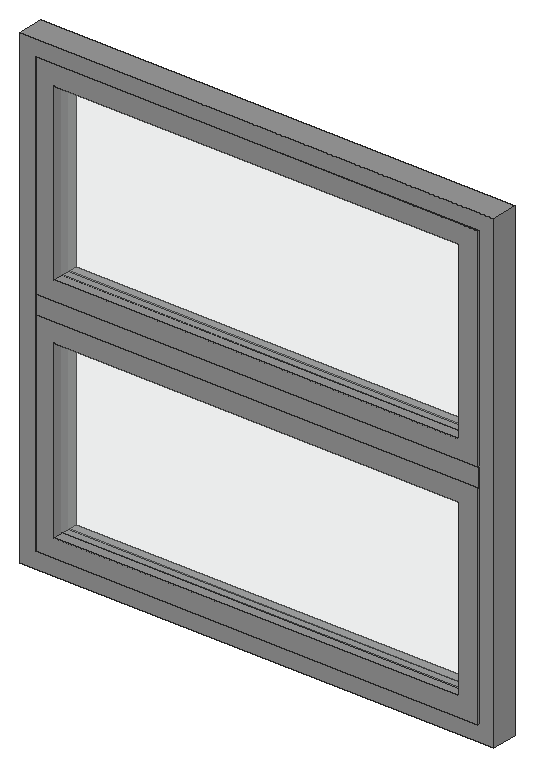
Revit family "Family18", category Windows, host Wall, Revit 2018
Family settings
  Host = Wall
  OmniClass Number = 23.30.20.00
  OmniClass Title = Windows
  Always vertical = Yes
  Cut with Voids When Loaded = No
  Shared = No
  Room Calculation Point = No
Parameters
  Window Thickness = 84 mm
  Window = White
  Visual Light Transmittance = 0.81
  URL = "www.skywardwindows.co.za"
  Thermal Resistance (R) = 0.3196 (m²·K)/W
  Telephone = "021 276 1800"
  Solar Heat Gain Coefficient = 0.76
  Manufacturer = "Skyward Windows"
  Keynote = ""
  Height = 1490 mm
  Heat Transfer Coefficient (U) = 3.1292 W/(m²·K)
  Glass = Glass
  Email Address = "info@skywardwindows.co.za"
  Default Sill Height = 800 mm
  Wall Closure = By host
  Width = 1490 mm
  Company Address = "Charles Matthews Street Atlantis 7349"
  Analytic Construction = "Double glazing - domestic"
Reference planes
  plane 1 "Center (Front/Back)": y = 0
  plane 2 "Center (Left/Right)": x = 0
  plane 3 "Left": x = -745
  plane 4 "Right": x = 745
  plane 5 "Sill": z = 800
  plane 6 "Head": z = 2290
  plane 7 "Exterior": y = 100
  plane 8 "Interior": y = -100
Forms (mm)
  Extrusion 1, solid, material "White" <- "Window"
    sketch origin (0, -100, 0) x (1, 0, 0) y (0, 0, 1)
      loop
        line (-745, 2290) -> (-745, 800) -> (745, 800) -> (745, 2290) -> (-745, 2290)
      loop
        line (-695, 850) -> (695, 850) -> (695, 2240) -> (-695, 2240) -> (-695, 850)
    from -140 to -60
  Extrusion 2, solid, material "White" <- "Window"
    sketch origin (0, -100, 0) x (1, 0, 0) y (0, 0, 1)
      loop
        line (-636, 909) -> (636, 909) -> (636, 1456) -> (-636, 1456) -> (-636, 909)
      loop
        line (-695, 1515) -> (-695, 850) -> (695, 850) -> (695, 1515) -> (-695, 1515)
      loop
        line (-695, 2240) -> (-695, 1575) -> (695, 1575) -> (695, 2240) -> (-695, 2240)
      loop
        line (-636, 1634) -> (636, 1634) -> (636, 2181) -> (-636, 2181) -> (-636, 1634)
    from -142 to -58
  Extrusion 3, solid, material "White" <- "Window"
    sketch origin (0, -100, 30) x (1, 0, 0) y (0, 0, 1)
      loop
        line (-695, 1545) -> (-695, 1485) -> (695, 1485) -> (695, 1545) -> (-695, 1545)
    from -140 to -60
  Extrusion 4, solid, material "Glass" <- "Glass"
    sketch origin (0, 0, 0) x (1, 0, 0) y (0, 1, 0)
      loop
        line (-636, -10) -> (-636, -14) -> (636, -14) -> (636, -10) -> (-636, -10)
      loop
        line (-636, 14) -> (-636, 10) -> (636, 10) -> (636, 14) -> (-636, 14)
    from 909 to 1486
  Extrusion 5, solid, material "Glass" <- "Glass"
    sketch origin (0, 0, 575) x (1, 0, 0) y (0, 1, 0)
      loop
        line (-636, -10) -> (-636, -14) -> (636, -14) -> (636, -10) -> (-636, -10)
      loop
        line (-636, 14) -> (-636, 10) -> (636, 10) -> (636, 14) -> (-636, 14)
    from 1059 to 1606
Lines and regions (mm)
  Opening 1
    outline origin (3500, -100, 0) x (1, 0, 0) y (0, 0, 1)
      loop
        line (-2755, 800) -> (-2755, 2290) -> (-4245, 2290) -> (-4245, 800) -> (-2755, 800)
  model lines
    curve 1: line (0, 0, 0) -> (0, 10, 0)
    curve 2: line (0, 10, 0) -> (0, -10, 0)
Text (mm)
  text "EXTERIOR" at (-1963.203, 1332.353, 0), in view "Ref. Level"
  text "INTERIOR" at (-1981.466, -818.386, 0), in view "Ref. Level"
  text "Exterior" at (0, 923.751, 2943.296), in view "Right"
  text "Exterior" at (0, 1040.484, 2685.409), in view "Left"
Dimensions and locks
  equal spacing: plane 3 "Left", plane 2 "Center (Left/Right)", plane 4 "Right"
  "Width": plane 3 "Left" to plane 4 "Right"
  "Height": plane 5 "Sill" to plane 6 "Head"
  "Default Sill Height": plane 5 "Sill" to level
  locked: plane 7 "Exterior" to host wall at 0
  locked: plane 8 "Interior" to host wall
  "Window Thickness": Extrusion 2 to Extrusion 2
  aligned and locked: Extrusion 1 sketch curve to host wall  (x4)
Automatic sketch dimensions
  plane 3 "Left" to Opening 1 sketch curve = 0 mm
  plane 4 "Right" to Opening 1 sketch curve = 0 mm
  Opening 1 sketch curve to plane 5 "Sill" = 0 mm
  Opening 1 sketch curve to plane 6 "Head" = 0 mm
  Extrusion 1 sketch curve to plane 3 "Left" = 50 mm
  plane 4 "Right" to Extrusion 1 sketch curve = 50 mm
  Extrusion 1 sketch curve to plane 5 "Sill" = 50 mm
  plane 6 "Head" to Extrusion 1 sketch curve = 50 mm
  Extrusion 2 sketch curve to plane 3 "Left" = 50 mm  (x2)
  Extrusion 2 sketch curve to Extrusion 2 sketch curve = 59 mm  (x5)
  plane 4 "Right" to Extrusion 2 sketch curve = 109 mm  (x2)
  plane 4 "Right" to Extrusion 2 sketch curve = 50 mm  (x2)
  Extrusion 2 sketch curve to plane 5 "Sill" = 50 mm
  Extrusion 2 sketch curve to Extrusion 2 sketch curve = 547 mm
  Extrusion 2 sketch curve to Extrusion 2 sketch curve = 60 mm
  plane 6 "Head" to Extrusion 2 sketch curve = 109 mm
  plane 6 "Head" to Extrusion 2 sketch curve = 50 mm
  Extrusion 3 sketch curve to plane 3 "Left" = 50 mm
  plane 4 "Right" to Extrusion 3 sketch curve = 50 mm
  Extrusion 3 sketch curve to plane 5 "Sill" = 715 mm
  Extrusion 3 sketch curve to Extrusion 3 sketch curve = 60 mm
  curve 1 to plane 2 "Center (Left/Right)" = 0 mm
  host wall to curve 1 = 0 mm
  curve 2 to host wall = 10 mm
  host wall to curve 2 = 10 mm
  host wall to Extrusion 4 sketch curve = 10 mm
  Extrusion 4 sketch curve to plane 3 "Left" = 109 mm
  Extrusion 4 sketch curve to Extrusion 4 sketch curve = 0 mm  (x2)
  host wall to Extrusion 4 sketch curve = 14 mm
  plane 4 "Right" to Extrusion 4 sketch curve = 109 mm
  Extrusion 4 sketch curve to host wall = 10 mm
  Extrusion 4 sketch curve to Extrusion 4 sketch curve = 4 mm
  host wall to Extrusion 5 sketch curve = 10 mm
  Extrusion 5 sketch curve to plane 3 "Left" = 109 mm
  Extrusion 5 sketch curve to Extrusion 5 sketch curve = 0 mm  (x2)
  host wall to Extrusion 5 sketch curve = 14 mm
  plane 4 "Right" to Extrusion 5 sketch curve = 109 mm
  Extrusion 5 sketch curve to host wall = 10 mm
  Extrusion 5 sketch curve to Extrusion 5 sketch curve = 4 mm
